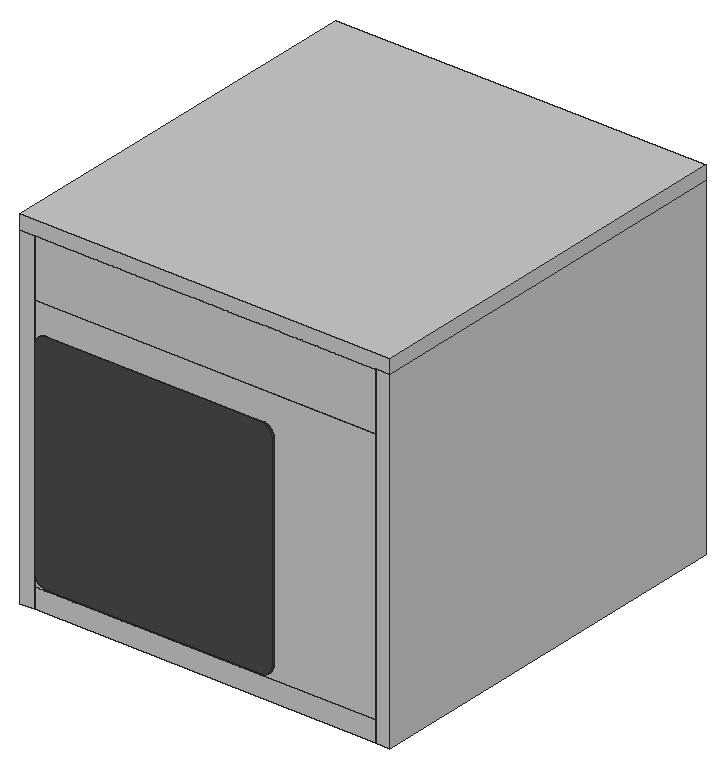
Revit family "QF_ELECTROLUXPROFESSIONAL_730290_IGF166I64SNP", category Attrezzature speciali, Revit 2018
Family settings
  Quota connettore circolare = Usa diametro
  Tipo di parte = Normale
  Basato su piano di lavoro = No
  Sempre verticale = Sì
  Taglio con vuoti quando caricato = No
  Condiviso = No
  Punto di calcolo locali = No
Parameters (values of type "Standard")
  Weight = 75.00 kg
  Watts = 0 W
  Volts = 220 V
  URL Manufacturer = "https://www.electroluxprofessional.com/"
  URL = "https://www.electroluxprofessional.com/"
  Steam Supply Size = 0 mm
  Steam Supply Minimum Pressure = 0.0 Pa
  Steam Supply Maximum Pressure = 0.0 Pa
  Steam Pounds per Hour = 0
  Show Logo [instance] = yes
  Show Clearance [instance] = yes
  Refrigeration Suction Line Size = 0 mm
  Refrigeration Liquid Line Size = 0 mm
  Refrigerant Compressor Remote = yes
  Produttore = "Electrolux Professional"
  Phase = 1
  Modello = "IGF166I64SNP"
  Length Actual = 515 mm  # constant formula
  Item Number = "730290"
  Hot Water Size = 0 mm
  Height Actual = 1460 mm  # constant formula
  HP = "0 HP"
  Gas Size = 0 mm
  Gas KW = 0
  Gas Input Pressure = 0 W
  Descrizione = "WATER COOLED GRANULAR ICE 178KG/24H-BIN 60KG"
  Depth Actual = 550 mm  # constant formula
  Cycle = 50 Hz
  Condensate Return Size = 0 mm
  Compressed Air Volume = 0.0 L/s
  Compressed Air Size = 0 mm
  Compressed Air Pressure = 0.0 Pa
  Cold Water Size = 19.05 mm
  Accessory = yes
Reference planes
  plane 1 "Center X": y = 272.851
  plane 2: z = 0
  plane 3 "Center Y": x = -501.5
  plane 4 "LEFT": x = -759
  plane 5 "BACK": y = 547.851
  plane 6 "RIGHT": x = -244
  plane 7 "FRONT": y = -2.149
  plane 8 "TOP": z = 486
  plane 9: x = -739
  plane 10: x = -264
  plane 11: z = 28
  plane 12: z = 466
  plane 13: z = 386
Forms (mm)
  Extrusion 1, solid, material "QF_Finishes_Stainless Steel"
    sketch origin (0, 0, 0) x (1, 0, 0) y (0, 1, 0)
      loop
        line (-759, 547.851) -> (-759, -2.149) -> (-739, -2.149) -> (-739, 547.851) -> (-759, 547.851)
      loop
        line (-264, 547.851) -> (-264, -2.149) -> (-244, -2.149) -> (-244, 547.851) -> (-264, 547.851)
    from 0 to 466
  Extrusion 2, solid, material "QF_Finishes_Stainless Steel"
    sketch origin (0, 0, 0) x (1, 0, 0) y (0, 1, 0)
      loop
        line (-759, 547.851) -> (-759, -2.149) -> (-244, -2.149) -> (-244, 547.851) -> (-759, 547.851)
    from 466 to 486
  Extrusion 3, solid, material "QF_Finishes_Stainless Steel"
    sketch origin (0, 0, 0) x (1, 0, 0) y (0, 1, 0)
      loop
        line (-739, 547.851) -> (-739, -2.149) -> (-264, -2.149) -> (-264, 547.851) -> (-739, 547.851)
    from 0 to 28
  Extrusion 4, solid, material "QF_Finishes_Black"
    sketch origin (-264, -2.149, 0) x (-1, 0, 0) y (0, 0, -1)
      loop
        arc (457.5, -346) -> (468.107, -341.607) -> (472.5, -331) r 15
        line (472.5, -331) -> (472.5, -46.529)
        arc (472.5, -46.529) -> (468.107, -35.923) -> (457.5, -31.529) r 15
        line (457.5, -31.529) -> (156.771, -31.529)
        arc (156.771, -31.529) -> (146.165, -35.923) -> (141.771, -46.529) r 15
        line (141.771, -46.529) -> (141.771, -331)
        arc (141.771, -331) -> (146.165, -341.607) -> (156.771, -346) r 15
        line (156.771, -346) -> (457.5, -346)
    from 0 to 2
  Extrusion 5, solid, material "QF_Finishes_Stainless Steel"
    sketch origin (0, 0, 358) x (1, 0, 0) y (0, 1, 0)
      loop
        line (-739, 17.851) -> (-739, -2.149) -> (-264, -2.149) -> (-264, 17.851) -> (-739, 17.851)
    from 28 to 108
  Extrusion 6, solid, material "QF_Finishes_Stainless Steel"
    sketch origin (-501.5, 0, 0) x (0, 1, 0) y (0, 0, 1)
      loop
        line (547.851, 28) -> (547.851, 466) -> (17.851, 466) -> (17.851, 386) -> (-2.149, 386) -> (-2.149, 28) -> (547.851, 28)
    from -237.5 to 237.5
  Extrusion 7, solid, material "QF_Finishes_Stainless Steel"
    sketch origin (-530.119, 547.851, 466.153) x (0, 0, -1) y (-1, 0, 0)
      loop
        circle (415.153, -214.119) r 10
    from 0 to 10
  Extrusion 8, solid, material "QF_Finishes_Stainless Steel"
    sketch origin (-560.119, 547.851, 479.153) x (0, 0, -1) y (-1, 0, 0)
      loop
        circle (415.153, -214.119) r 10
    from 0 to 10
  Extrusion 9, solid, material "QF_Finishes_Stainless Steel"
    sketch origin (-570.119, 547.851, 454.153) x (0, 0, -1) y (-1, 0, 0)
      loop
        circle (415.153, -214.119) r 10
    from 0 to 10
Lines and regions (mm)
  Split face 1
    outline origin (-264, -2.149, 358) x (-1, 0, 0) y (0, 0, -1)
      loop
        line (111.166, -89.646) -> (111.166, -44.646) -> (36.166, -44.646) -> (36.166, -89.646) -> (111.166, -89.646)
  Split face 2
    outline origin (-264, -2.149, 358) x (-1, 0, 0) y (0, 0, -1)
      loop
        line (66.801, -84.104) -> (66.801, -49.914) -> (41.176, -49.914) -> (41.176, -84.104) -> (66.801, -84.104)
  symbolic lines
    curve 1: line (-759, 547.851, 0) -> (-244, 547.851, 0)
    curve 2: line (-759, -2.149, 0) -> (-759, 547.851, 0)
    curve 3: line (-244, -2.149, 0) -> (-759, -2.149, 0)
    curve 4: line (-244, 547.851, 0) -> (-244, -2.149, 0)
Dimensions and locks
  equal spacing: plane 4 "LEFT", plane 3 "Center Y", plane 6 "RIGHT"
  plane 4 "LEFT" to plane 6 "RIGHT" = 515 mm
  plane 5 "BACK" to plane 7 "FRONT" = 550 mm
  equal spacing: plane 5 "BACK", plane 1 "Center X", plane 7 "FRONT"
  plane 8 "TOP" to plane 2 = 486 mm
  locked: plane 4 "LEFT" to plane 9 at 20
  locked: plane 10 to plane 6 "RIGHT" at 20
  locked: plane 11 to plane 2 at 28
  locked: plane 8 "TOP" to plane 12 at 20
  locked: plane 12 to plane 13 at 80
  aligned and locked: level to plane 2
  aligned and locked: Extrusion 1 sketch curve to plane 5 "BACK"  (x2)
  aligned and locked: plane 4 "LEFT" to Extrusion 1 sketch curve
  aligned and locked: plane 7 "FRONT" to Extrusion 1 sketch curve  (x2)
  aligned and locked: Extrusion 1 sketch curve to plane 9
  aligned and locked: plane 10 to Extrusion 1 sketch curve
  aligned and locked: Extrusion 1 sketch curve to plane 6 "RIGHT"
  aligned and locked: plane 12 to Extrusion 1
  aligned and locked: Extrusion 2 sketch curve to Extrusion 1  (x4)
  aligned and locked: plane 8 "TOP" to Extrusion 2
  aligned and locked: Extrusion 2 to Extrusion 1
  aligned and locked: Extrusion 3 sketch curve to Extrusion 1  (x4)
  aligned and locked: plane 11 to Extrusion 3
  aligned and locked: Extrusion 6 sketch curve to plane 12
  aligned and locked: Extrusion 6 sketch curve to plane 5 "BACK"
  aligned and locked: plane 11 to Extrusion 6 sketch curve
  aligned and locked: plane 7 "FRONT" to Extrusion 6 sketch curve
  aligned and locked: Extrusion 6 sketch curve to plane 13
  aligned and locked: Extrusion 6 sketch curve to Extrusion 5
  aligned and locked: Extrusion 6 to plane 9
  aligned and locked: plane 10 to Extrusion 6
Automatic sketch dimensions
  curve 3 to plane 4 "LEFT" = 0 mm
  curve 3 to plane 6 "RIGHT" = 0 mm
  curve 3 to plane 7 "FRONT" = 0 mm
  curve 2 to plane 5 "BACK" = 0 mm
  plane 11 to Extrusion 4 sketch curve = 18.529 mm
  plane 3 "Center Y" to Extrusion 4 sketch curve = 95.729 mm
  plane 11 to Extrusion 4 sketch curve = 3.529 mm
  Extrusion 4 sketch curve to Extrusion 4 sketch curve = 15 mm
  plane 9 to Extrusion 4 sketch curve = 17.5 mm  (x2)
  plane 9 to Extrusion 4 sketch curve = 2.5 mm
  Extrusion 4 sketch curve to plane 13 = 55 mm
  Extrusion 5 sketch curve to plane 7 "FRONT" = 0 mm
  Extrusion 5 sketch curve to plane 9 = 0 mm
  Extrusion 5 sketch curve to plane 10 = 0 mm
  plane 7 "FRONT" to Extrusion 5 sketch curve = 20 mm
  Split face 1 sketch curve to Extrusion 5 = 36.166 mm
  Split face 1 sketch curve to Extrusion 5 = 16.646 mm
  Split face 1 sketch curve to Split face 1 sketch curve = 75 mm
  Split face 1 sketch curve to Extrusion 5 = 18.354 mm
  Split face 2 sketch curve to Extrusion 5 = 41.176 mm
  Split face 2 sketch curve to Split face 2 sketch curve = 25.625 mm
  Split face 2 sketch curve to Extrusion 5 = 23.896 mm
  Split face 2 sketch curve to Extrusion 5 = 21.914 mm
  Extrusion 6 to Extrusion 7 sketch curve = 23 mm
  Extrusion 6 to Extrusion 7 sketch curve = 52 mm
  Extrusion 6 to Extrusion 8 sketch curve = 36 mm
  Extrusion 6 to Extrusion 8 sketch curve = 82 mm
  Extrusion 6 to Extrusion 9 sketch curve = 11 mm
  Extrusion 6 to Extrusion 9 sketch curve = 92 mm
  radius of Extrusion 7 sketch curve = 10 mm
  radius of Extrusion 8 sketch curve = 10 mm
  radius of Extrusion 9 sketch curve = 10 mm
Connectors
  electrical at (-346, 557.851, 64), driven by "Volts"
    settings: on Extrusion 8, index 1, voltage 220 V, apparent load 0 VA, apparent load phase1 0 VA, apparent load phase2 0 VA, apparent load phase3 0 VA, power factor 1, load classification "Altro", number of poles 1, system type 30, power factor state 1, is connector primary yes, connector utility no, sub classification motor no, connector description "Electrical Connection"
  piping at (-316, 557.851, 51), diameter 20
    settings: on Extrusion 7, index 2, connector inside diameter 609.6 mm, connector length 0 mm, flow factor 0, pipe flow 0.0 L/s, pressure drop 0.0 Pa, fitting loss kfactor 0, connector angle 0.00°, fixture units 0, engagement length 0 mm, angle of deflection 0.00°, flow configuration 0, flow direction 0, fitting loss method 0, system type 20, joint type 0, gender type 0, connector reference index -1, connector utility 0, adjustable connector no, is connector primary yes, connector description "Cold Water"
  piping at (-356, 557.851, 39), diameter 20
    settings: on Extrusion 9, index 3, connector inside diameter 609.6 mm, connector length 0 mm, flow factor 0, pipe flow 0.0 L/s, pressure drop 0.0 Pa, fitting loss kfactor 0, connector angle 0.00°, fixture units 0, engagement length 0 mm, angle of deflection 0.00°, flow configuration 0, flow direction 0, fitting loss method 0, system type 16, joint type 0, gender type 0, connector reference index -1, connector utility 0, adjustable connector no, is connector primary no, connector description "Drain"
